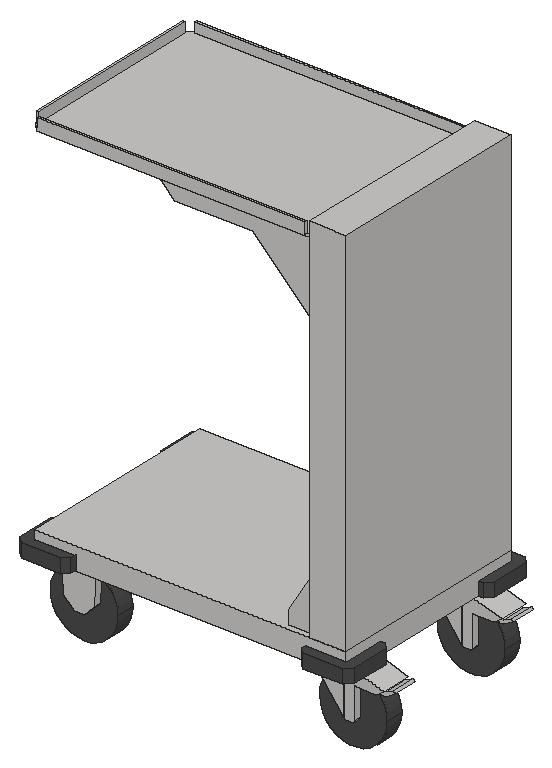
Revit family "QF_ZANUSSI_865135_HSTL800", category Attrezzature speciali, Revit 2020
Family settings
  Quota connettore circolare = Usa diametro
  Tipo di parte = Normale
  Basato su piano di lavoro = No
  Sempre verticale = Sì
  Taglio con vuoti quando caricato = No
  Condiviso = No
  Punto di calcolo locali = No
Parameters (values of type "Standard")
  Weight = 0.00 kg
  Watts = 0 W
  Volts = 0 V
  URL Manufacturer = ""
  URL = ""
  Steam Supply Size = 0 mm
  Steam Supply Minimum Pressure = 0.0 Pa
  Steam Supply Maximum Pressure = 0.0 Pa
  Steam Consumption per Hour = 0
  Show Clearance [instance] = yes
  Refrigeration Suction Line Size = 0 mm
  Refrigeration Liquid Line Size = 0 mm
  Refrigerant Compressor Remote = yes
  Prospetto di default = 0 mm
  Manufacturer = ""
  Phase = 0
  Model = ""
  Length Actual = 438 mm  # constant formula
  Item Number = ""
  Hot Water Size = 0 mm
  Height Actual = 900 mm  # constant formula
  HP = ""
  Gas Size = 0 mm
  Gas KW = 0
  Gas Input Pressure = 0 W
  Direct Waste Size = 0 mm
  Description = ""
  Depth Actual = 643 mm  # constant formula
  Cycle = 0 Hz
  Condensate Return Size = 0 mm
  Compressed Air Volume = 0.0 L/s
  Compressed Air Size = 0 mm
  Compressed Air Pressure = 0.0 Pa
  Cold Water Size = 0 mm
  Accessory = yes
Reference planes
  plane 1 "Back": y = 0
  plane 2: z = 0
  plane 3 "FRONT": y = -438
  plane 4 "LEFT": x = -126
  plane 5 "RIGHT": x = 517
  plane 6: x = 195.5
  plane 7 "Centro Avanti/Indietro": y = -219
  plane 8: z = 900
  plane 9: z = 450
  plane 10: z = 891.563
  plane 11: z = 868
  plane 12: z = 872
Forms (mm)
  Extrusion 1, solid, material "QF_Finishes_Stainless Steel"
    sketch origin (0, 0, 0) x (1, 0, 0) y (0, 1, 0)
      loop
        line (425.047, -21.163) -> (425.047, -416.837) -> (494.223, -416.837) -> (494.223, -21.163) -> (425.047, -21.163)
    from 183.831 to 900
  Extrusion 2, solid, material "QF_Finishes_Stainless Steel"
    sketch origin (-2.5, 0, 0) x (1, 0, 0) y (0, 1, 0)
      loop
        line (-100.723, -21.163) -> (-100.723, -416.837) -> (496.723, -416.837) -> (496.723, -21.163) -> (-100.723, -21.163)
    from 140.865 to 183.831
  Extrusion 3, solid, material "QF_Finishes_Black"
    sketch origin (0, 0, 0) x (1, 0, 0) y (0, 1, 0)
      loop
        line (-112.875, 0) -> (-126, -13.125) -> (-126, -87.5) -> (-113.5, -100) -> (-103.223, -100) -> (-103.223, -21.163) -> (-26, -21.163) -> (-26, -11.25) -> (-37.25, 0) -> (-112.875, 0)
    from 140.865 to 167.144
  Extrusion 4, solid, material "QF_Finishes_Black"
    sketch origin (391, 0, 0) x (-1, 0, 0) y (0, -1, 0)
      loop
        line (-112.875, 0) -> (-37.25, 0) -> (-26, 11.25) -> (-26, 21.163) -> (-103.223, 21.163) -> (-103.223, 100) -> (-113.5, 100) -> (-126, 87.5) -> (-126, 13.125) -> (-112.875, 0)
    from 140.865 to 167.144
  Extrusion 5, solid, material "QF_Finishes_Black"
    sketch origin (0, -438, 0) x (1, 0, 0) y (0, 1, 0)
      loop
        line (-112.875, 0) -> (-37.25, 0) -> (-26, 11.25) -> (-26, 21.163) -> (-103.223, 21.163) -> (-103.223, 100) -> (-113.5, 100) -> (-126, 87.5) -> (-126, 13.125) -> (-112.875, 0)
    from 140.865 to 167.144
  Extrusion 6, solid, material "QF_Finishes_Black"
    sketch origin (391, -438, 0) x (-1, 0, 0) y (0, -1, 0)
      loop
        line (-112.875, 0) -> (-126, -13.125) -> (-126, -87.5) -> (-113.5, -100) -> (-103.223, -100) -> (-103.223, -21.163) -> (-26, -21.163) -> (-26, -11.25) -> (-37.25, 0) -> (-112.875, 0)
    from 140.865 to 167.144
  Extrusion 7, solid, material "QF_Finishes_Stainless Steel"
    sketch origin (0, 0, 0) x (1, 0, 0) y (0, 1, 0)
      loop
        line (415.695, -31.163) -> (-103.223, -31.163) -> (-116, -43.94) -> (-116, -399.703) -> (-103.223, -412.48) -> (412.552, -412.48) -> (425.047, -399.985) -> (425.047, -40.515) -> (415.695, -31.163)
    from 868 to 891.563
  Extrusion 8, solid, material "QF_Finishes_Stainless Steel"
    sketch origin (0, 250, 0) x (-1, 0, 0) y (0, 0, 1)
      loop
        line (-95.5, 865.815) -> (-425.047, 865.815) -> (-425.047, 676.268) -> (-284.391, 816.924) -> (-134.391, 816.924) -> (-95.5, 855.815) -> (-95.5, 865.815)
    from -323.542 to -310
  Extrusion 9, solid, material "QF_Finishes_Stainless Steel"
    sketch origin (0, 250, 0) x (-1, 0, 0) y (0, 0, 1)
      loop
        line (-375.047, 183.831) -> (-375.047, 208.831) -> (-421.4, 285.976) -> (-425.047, 285.976) -> (-425.047, 183.831) -> (-375.047, 183.831)
    from -287.648 to -282.11
  Extrusion 10, solid, material "QF_Finishes_Stainless Steel"
    sketch origin (0, -688, 0) x (-1, 0, 0) y (0, 0, -1)
      loop
        line (-95.5, -868) -> (-95.5, -855.815) -> (-134.391, -816.924) -> (-284.391, -816.924) -> (-425.047, -676.268) -> (-425.047, -868) -> (-95.5, -868)
    from -323.542 to -310
  Extrusion 11, solid, material "QF_Finishes_Stainless Steel"
    sketch origin (0, -688, 0) x (-1, 0, 0) y (0, 0, -1)
      loop
        line (-375.047, -183.831) -> (-425.047, -183.831) -> (-425.047, -285.976) -> (-421.4, -285.976) -> (-375.047, -208.831) -> (-375.047, -183.831)
    from -287.648 to -282.11
  Extrusion 12, solid, material "QF_Finishes_Stainless Steel"
    sketch origin (0, 252.5, 0) x (-1, 0, 0) y (0, 0, 1)
      loop
        line (71.644, 140.865) -> (3.871, 140.865) -> (8.595, 73.298) -> (28.382, 53.511) -> (47.132, 53.511) -> (66.919, 73.298) -> (71.644, 140.865)
    from -644.885 to -633
  Extrusion 13, solid, material "QF_Finishes_Stainless Steel"
    sketch origin (0, 252.5, 0) x (-1, 0, 0) y (0, 0, 1)
      loop
        line (-407, 140.865) -> (-469.711, 140.865) -> (-469.711, 52.645) -> (-407, 135.865) -> (-407, 140.865)
    from -644.885 to -633
  Extrusion 14, solid, material "QF_Finishes_Stainless Steel"
    sketch origin (0, 250, 0) x (-1, 0, 0) y (0, 0, 1)
      loop
        line (-469.711, 52.645) -> (-469.711, 140.865) -> (-488.079, 140.865) -> (-546.553, 122.988) -> (-531.782, 112.645) -> (-491.782, 112.645) -> (-491.782, 52.645) -> (-488.246, 49.109) -> (-473.246, 49.109) -> (-469.711, 52.645)
    from -642.385 to -583.643
  Extrusion 15, solid, material "QF_Finishes_Stainless Steel"
    sketch origin (0, 250, 0) x (-1, 0, 0) y (0, 0, 1)
      loop
        line (-535.479, 115.234) -> (-543.494, 120.846) -> (-545.533, 118.807) -> (-561.019, 126.028) -> (-563.519, 121.698) -> (-546.199, 111.698) -> (-539.015, 111.698) -> (-535.479, 115.234)
    from -637.031 to -590
  Extrusion 16, solid, material "QF_Finishes_Stainless Steel"
    sketch origin (0, -978.528, 0) x (-1, 0, 0) y (0, 0, -1)
      loop
        line (71.644, -140.865) -> (66.919, -73.298) -> (47.132, -53.511) -> (28.382, -53.511) -> (8.595, -73.298) -> (3.871, -140.865) -> (71.644, -140.865)
    from -644.885 to -633
  Extrusion 17, solid, material "QF_Finishes_Stainless Steel"
    sketch origin (0, -978.528, 0) x (-1, 0, 0) y (0, 0, -1)
      loop
        line (-407, -140.865) -> (-407, -135.865) -> (-469.711, -52.645) -> (-469.711, -140.865) -> (-407, -140.865)
    from -644.885 to -633
  Extrusion 18, solid, material "QF_Finishes_Stainless Steel"
    sketch origin (0, -695.5, 0) x (-1, 0, 0) y (0, 0, -1)
      loop
        line (71.644, -140.865) -> (66.919, -73.298) -> (47.132, -53.511) -> (28.382, -53.511) -> (8.595, -73.298) -> (3.871, -140.865) -> (71.644, -140.865)
    from -644.885 to -633
  Extrusion 19, solid, material "QF_Finishes_Stainless Steel"
    sketch origin (0, -695.5, 0) x (-1, 0, 0) y (0, 0, -1)
      loop
        line (-407, -140.865) -> (-407, -135.865) -> (-469.711, -52.645) -> (-469.711, -140.865) -> (-407, -140.865)
    from -644.885 to -633
  Extrusion 20, solid, material "QF_Finishes_Stainless Steel"
    sketch origin (0, -693, 0) x (-1, 0, 0) y (0, 0, -1)
      loop
        line (-469.711, -52.645) -> (-473.246, -49.109) -> (-488.246, -49.109) -> (-491.782, -52.645) -> (-491.782, -112.645) -> (-531.782, -112.645) -> (-546.553, -122.988) -> (-488.079, -140.865) -> (-469.711, -140.865) -> (-469.711, -52.645)
    from -642.385 to -583.643
  Extrusion 21, solid, material "QF_Finishes_Stainless Steel"
    sketch origin (0, -693, 0) x (-1, 0, 0) y (0, 0, -1)
      loop
        line (-535.479, -115.234) -> (-539.015, -111.698) -> (-546.199, -111.698) -> (-563.519, -121.698) -> (-561.019, -126.028) -> (-545.533, -118.807) -> (-543.494, -120.846) -> (-535.479, -115.234)
    from -637.031 to -590
  Extrusion 22, solid, material "QF_Finishes_Stainless Steel"
    sketch origin (0, 535.528, 0) x (-1, 0, 0) y (0, 0, 1)
      loop
        line (71.644, 140.865) -> (3.871, 140.865) -> (8.595, 73.298) -> (28.382, 53.511) -> (47.132, 53.511) -> (66.919, 73.298) -> (71.644, 140.865)
    from -644.885 to -633
  Extrusion 23, solid, material "QF_Finishes_Stainless Steel"
    sketch origin (0, 535.528, 0) x (-1, 0, 0) y (0, 0, 1)
      loop
        line (-407, 140.865) -> (-469.711, 140.865) -> (-469.711, 52.645) -> (-407, 135.865) -> (-407, 140.865)
    from -644.885 to -633
  Extrusion 24, solid, material "QF_Finishes_Black"
    sketch origin (0, 250, 1.25) x (-1, 0, 0) y (0, 0, 1)
      loop
        circle (37.949, 63.776) r 65
    from -630.5 to -595.528
  Extrusion 25, solid, material "QF_Finishes_Black"
    sketch origin (441, 250, 1.25) x (1, 0, 0) y (0, 0, -1)
      loop
        circle (37.949, -63.776) r 65
    from -630.5 to -595.528
  Extrusion 26, solid, material "QF_Finishes_Black"
    sketch origin (0, -693, 1.25) x (-1, 0, 0) y (0, 0, -1)
      loop
        circle (37.949, -63.776) r 65
    from -630.5 to -595.528
  Extrusion 27, solid, material "QF_Finishes_Black"
    sketch origin (441, -693, 1.25) x (1, 0, 0) y (0, 0, 1)
      loop
        circle (37.949, 63.776) r 65
    from -630.5 to -595.528
  Extrusion 28, void
    sketch origin (441, -693, 1.25) x (1, 0, 0) y (0, 0, 1)
      loop
        circle (37.949, 63.776) r 65
    from -630.5 to -595.528
  Extrusion 29, void
    sketch origin (441, 250, 1.25) x (1, 0, 0) y (0, 0, -1)
      loop
        circle (37.949, -63.776) r 65
    from -630.5 to -595.528
  Extrusion 30, void
    sketch origin (0, 0, 0) x (1, 0, 0) y (0, 1, 0)
      loop
        line (414.038, -35.163) -> (-101.566, -35.163) -> (-101.566, -7.12) -> (-133.853, -45.597) -> (-112, -45.597) -> (-112, -398.046) -> (-132, -398.046) -> (-101.566, -428.48) -> (-101.566, -408.48) -> (410.895, -408.48) -> (410.895, -423.48) -> (430.335, -398.953) -> (421.047, -398.953) -> (421.047, -42.172) -> (436.047, -42.172) -> (414.038, -20.163) -> (414.038, -35.163)
    from 872 to 900
Cuts and joins
  Extrusion 28 cuts Extrusion 20
  Extrusion 29 cuts Extrusion 14
  Extrusion 30 cuts Extrusion 7
Dimensions and locks
  plane 5 "RIGHT" to plane 4 "LEFT" = 643 mm
  plane 4 "LEFT" to plane 5 "RIGHT" = 643 mm
  plane 3 "FRONT" to plane 1 "Back" = 438 mm
  plane 1 "Back" to plane 3 "FRONT" = 438 mm
  equal spacing: plane 4 "LEFT", plane 6, plane 5 "RIGHT"
  equal spacing: plane 3 "FRONT", plane 7 "Centro Avanti/Indietro", plane 1 "Back"
  equal spacing: plane 8, plane 9, plane 2
  plane 8 to plane 2 = 900 mm
  locked: plane 12 to plane 11 at 4
  locked: plane 8 to plane 10 at 8.437
  plane 8 to plane 11 = 32 mm
  aligned and locked: level to plane 2
  aligned and locked: plane 8 to Extrusion 1
  aligned and locked: Extrusion 7 to plane 10
  aligned and locked: plane 11 to Extrusion 7
  aligned and locked: Extrusion 10 to cut or joined group of Extrusion 7, Extrusion 30
  aligned and locked: Extrusion 30 to plane 12
  aligned and locked: plane 8 to Extrusion 30
Automatic sketch dimensions
  plane 3 "FRONT" to Extrusion 1 sketch curve = 21.163 mm
  plane 5 "RIGHT" to Extrusion 1 sketch curve = 91.953 mm
  plane 5 "RIGHT" to Extrusion 1 sketch curve = 22.777 mm
  plane 1 "Back" to Extrusion 1 sketch curve = 21.163 mm
  plane 4 "LEFT" to Extrusion 2 sketch curve = 22.777 mm
  plane 5 "RIGHT" to Extrusion 2 sketch curve = 22.777 mm
  plane 3 "FRONT" to Extrusion 2 sketch curve = 21.163 mm
  plane 1 "Back" to Extrusion 2 sketch curve = 21.163 mm
  Extrusion 3 sketch curve to plane 4 "LEFT" = 0 mm
  plane 1 "Back" to Extrusion 3 sketch curve = 0 mm
  plane 4 "LEFT" to Extrusion 3 sketch curve = 12.5 mm
  plane 4 "LEFT" to Extrusion 3 sketch curve = 13.125 mm
  Extrusion 3 sketch curve to Extrusion 3 sketch curve = 10.277 mm
  Extrusion 3 sketch curve to Extrusion 3 sketch curve = 65.973 mm
  Extrusion 3 sketch curve to Extrusion 3 sketch curve = 11.25 mm
  plane 1 "Back" to Extrusion 3 sketch curve = 11.25 mm
  plane 1 "Back" to Extrusion 3 sketch curve = 13.125 mm
  Extrusion 3 sketch curve to Extrusion 3 sketch curve = 9.913 mm
  Extrusion 3 sketch curve to Extrusion 3 sketch curve = 66.337 mm
  Extrusion 3 sketch curve to Extrusion 3 sketch curve = 12.5 mm
  Extrusion 4 sketch curve to plane 5 "RIGHT" = 0 mm
  plane 1 "Back" to Extrusion 4 sketch curve = 0 mm
  Extrusion 4 sketch curve to plane 5 "RIGHT" = 12.5 mm
  Extrusion 4 sketch curve to plane 5 "RIGHT" = 13.125 mm
  Extrusion 4 sketch curve to Extrusion 4 sketch curve = 10.277 mm
  Extrusion 4 sketch curve to Extrusion 4 sketch curve = 65.973 mm
  Extrusion 4 sketch curve to Extrusion 4 sketch curve = 11.25 mm
  Extrusion 4 sketch curve to plane 1 "Back" = 11.25 mm
  Extrusion 4 sketch curve to plane 1 "Back" = 13.125 mm
  Extrusion 4 sketch curve to Extrusion 4 sketch curve = 9.913 mm
  Extrusion 4 sketch curve to Extrusion 4 sketch curve = 66.337 mm
  Extrusion 4 sketch curve to Extrusion 4 sketch curve = 12.5 mm
  Extrusion 5 sketch curve to plane 4 "LEFT" = 0 mm
  Extrusion 5 sketch curve to plane 3 "FRONT" = 0 mm
  Extrusion 5 sketch curve to plane 4 "LEFT" = 12.5 mm
  Extrusion 5 sketch curve to plane 4 "LEFT" = 13.125 mm
  Extrusion 5 sketch curve to Extrusion 5 sketch curve = 10.277 mm
  Extrusion 5 sketch curve to Extrusion 5 sketch curve = 65.973 mm
  Extrusion 5 sketch curve to Extrusion 5 sketch curve = 11.25 mm
  Extrusion 5 sketch curve to plane 3 "FRONT" = 11.25 mm
  Extrusion 5 sketch curve to plane 3 "FRONT" = 13.125 mm
  Extrusion 5 sketch curve to Extrusion 5 sketch curve = 9.913 mm
  Extrusion 5 sketch curve to Extrusion 5 sketch curve = 66.337 mm
  Extrusion 5 sketch curve to Extrusion 5 sketch curve = 12.5 mm
  Extrusion 6 sketch curve to plane 5 "RIGHT" = 0 mm
  Extrusion 6 sketch curve to plane 3 "FRONT" = 0 mm
  plane 5 "RIGHT" to Extrusion 6 sketch curve = 12.5 mm
  plane 5 "RIGHT" to Extrusion 6 sketch curve = 13.125 mm
  Extrusion 6 sketch curve to Extrusion 6 sketch curve = 10.277 mm
  Extrusion 6 sketch curve to Extrusion 6 sketch curve = 65.973 mm
  Extrusion 6 sketch curve to Extrusion 6 sketch curve = 11.25 mm
  plane 3 "FRONT" to Extrusion 6 sketch curve = 11.25 mm
  plane 3 "FRONT" to Extrusion 6 sketch curve = 13.125 mm
  Extrusion 6 sketch curve to Extrusion 6 sketch curve = 9.913 mm
  Extrusion 6 sketch curve to Extrusion 6 sketch curve = 66.337 mm
  Extrusion 6 sketch curve to Extrusion 6 sketch curve = 12.5 mm
  plane 4 "LEFT" to Extrusion 7 sketch curve = 10 mm
  Extrusion 7 sketch curve to Extrusion 7 sketch curve = 12.777 mm  (x4)
  plane 3 "FRONT" to Extrusion 7 sketch curve = 25.52 mm
  plane 5 "RIGHT" to Extrusion 7 sketch curve = 104.448 mm
  plane 1 "Back" to Extrusion 7 sketch curve = 31.163 mm
  plane 5 "RIGHT" to Extrusion 7 sketch curve = 101.305 mm
  plane 3 "FRONT" to Extrusion 7 sketch curve = 38.015 mm
  Extrusion 7 sketch curve to Extrusion 7 sketch curve = 12.495 mm
  Extrusion 7 sketch curve to Extrusion 7 sketch curve = 9.352 mm
  Extrusion 8 sketch curve to plane 8 = 34.185 mm
  plane 5 "RIGHT" to Extrusion 8 sketch curve = 91.953 mm
  plane 6 to Extrusion 8 sketch curve = 88.891 mm
  Extrusion 8 sketch curve to plane 6 = 61.109 mm
  Extrusion 8 sketch curve to Extrusion 8 sketch curve = 38.891 mm
  Extrusion 8 sketch curve to Extrusion 8 sketch curve = 10 mm
  Extrusion 8 sketch curve to plane 8 = 83.076 mm
  Extrusion 8 sketch curve to Extrusion 8 sketch curve = 189.547 mm
  plane 5 "RIGHT" to Extrusion 9 sketch curve = 91.953 mm
  Extrusion 9 sketch curve to Extrusion 9 sketch curve = 3.647 mm
  Extrusion 9 sketch curve to Extrusion 9 sketch curve = 50 mm
  level to Extrusion 9 sketch curve = 183.831 mm
  Extrusion 9 sketch curve to Extrusion 9 sketch curve = 25 mm
  Extrusion 9 sketch curve to Extrusion 9 sketch curve = 77.145 mm
  Extrusion 10 sketch curve to plane 8 = 32 mm
  plane 5 "RIGHT" to Extrusion 10 sketch curve = 91.953 mm
  plane 6 to Extrusion 10 sketch curve = 88.891 mm
  Extrusion 10 sketch curve to plane 6 = 61.109 mm
  Extrusion 10 sketch curve to Extrusion 10 sketch curve = 38.891 mm
  Extrusion 10 sketch curve to Extrusion 10 sketch curve = 12.185 mm
  Extrusion 10 sketch curve to plane 8 = 83.076 mm
  Extrusion 10 sketch curve to Extrusion 10 sketch curve = 191.732 mm
  plane 5 "RIGHT" to Extrusion 11 sketch curve = 91.953 mm
  Extrusion 11 sketch curve to Extrusion 11 sketch curve = 3.647 mm
  Extrusion 11 sketch curve to Extrusion 11 sketch curve = 50 mm
  level to Extrusion 11 sketch curve = 285.976 mm
  Extrusion 11 sketch curve to Extrusion 11 sketch curve = 77.145 mm
  Extrusion 11 sketch curve to Extrusion 11 sketch curve = 25 mm
  plane 4 "LEFT" to Extrusion 12 sketch curve = 122.129 mm
  Extrusion 12 sketch curve to Extrusion 12 sketch curve = 4.725 mm
  Extrusion 12 sketch curve to Extrusion 12 sketch curve = 19.787 mm  (x4)
  Extrusion 12 sketch curve to Extrusion 12 sketch curve = 18.75 mm
  plane 4 "LEFT" to Extrusion 12 sketch curve = 54.356 mm
  level to Extrusion 12 sketch curve = 53.511 mm
  Extrusion 12 sketch curve to Extrusion 12 sketch curve = 67.567 mm
  plane 5 "RIGHT" to Extrusion 13 sketch curve = 47.289 mm
  Extrusion 13 sketch curve to Extrusion 13 sketch curve = 62.711 mm
  level to Extrusion 13 sketch curve = 52.645 mm
  Extrusion 13 sketch curve to Extrusion 13 sketch curve = 83.22 mm
  Extrusion 13 sketch curve to Extrusion 13 sketch curve = 5 mm
  Extrusion 14 sketch curve to plane 5 "RIGHT" = 29.553 mm
  Extrusion 14 sketch curve to plane 5 "RIGHT" = 14.782 mm
  plane 5 "RIGHT" to Extrusion 14 sketch curve = 25.218 mm
  Extrusion 14 sketch curve to Extrusion 14 sketch curve = 3.536 mm  (x4)
  Extrusion 14 sketch curve to Extrusion 14 sketch curve = 3.703 mm
  Extrusion 14 sketch curve to Extrusion 14 sketch curve = 15 mm
  level to Extrusion 14 sketch curve = 49.109 mm
  Extrusion 14 sketch curve to Extrusion 14 sketch curve = 60 mm
  Extrusion 14 sketch curve to Extrusion 14 sketch curve = 10.343 mm
  Extrusion 14 sketch curve to Extrusion 14 sketch curve = 28.22 mm
  Extrusion 15 sketch curve to plane 5 "RIGHT" = 46.519 mm
  Extrusion 15 sketch curve to Extrusion 15 sketch curve = 2.5 mm
  Extrusion 15 sketch curve to Extrusion 15 sketch curve = 17.321 mm
  Extrusion 15 sketch curve to Extrusion 15 sketch curve = 0.665 mm
  Extrusion 15 sketch curve to Extrusion 15 sketch curve = 2.039 mm  (x2)
  Extrusion 15 sketch curve to Extrusion 15 sketch curve = 7.184 mm
  Extrusion 15 sketch curve to Extrusion 15 sketch curve = 3.536 mm  (x2)
  level to Extrusion 15 sketch curve = 111.698 mm
  Extrusion 15 sketch curve to Extrusion 15 sketch curve = 7.109 mm
  Extrusion 15 sketch curve to Extrusion 15 sketch curve = 2.891 mm
  plane 4 "LEFT" to Extrusion 16 sketch curve = 122.129 mm
  Extrusion 16 sketch curve to Extrusion 16 sketch curve = 4.725 mm
  Extrusion 16 sketch curve to Extrusion 16 sketch curve = 19.787 mm  (x3)
  Extrusion 16 sketch curve to Extrusion 16 sketch curve = 18.75 mm
  plane 4 "LEFT" to Extrusion 16 sketch curve = 54.356 mm
  level to Extrusion 16 sketch curve = 140.865 mm
  Extrusion 16 sketch curve to Extrusion 16 sketch curve = 67.567 mm
  Extrusion 16 sketch curve to Extrusion 16 sketch curve = 0 mm
  plane 5 "RIGHT" to Extrusion 17 sketch curve = 47.289 mm
  Extrusion 17 sketch curve to Extrusion 17 sketch curve = 62.711 mm
  level to Extrusion 17 sketch curve = 140.865 mm
  Extrusion 17 sketch curve to Extrusion 17 sketch curve = 5 mm
  level to Extrusion 17 sketch curve = 52.645 mm
  plane 4 "LEFT" to Extrusion 18 sketch curve = 122.129 mm
  Extrusion 18 sketch curve to Extrusion 18 sketch curve = 4.725 mm
  Extrusion 18 sketch curve to Extrusion 18 sketch curve = 19.787 mm  (x3)
  Extrusion 18 sketch curve to Extrusion 18 sketch curve = 18.75 mm
  plane 4 "LEFT" to Extrusion 18 sketch curve = 54.356 mm
  level to Extrusion 18 sketch curve = 140.865 mm
  Extrusion 18 sketch curve to Extrusion 18 sketch curve = 67.567 mm
  Extrusion 18 sketch curve to Extrusion 18 sketch curve = 0 mm
  plane 5 "RIGHT" to Extrusion 19 sketch curve = 47.289 mm
  Extrusion 19 sketch curve to Extrusion 19 sketch curve = 62.711 mm
  level to Extrusion 19 sketch curve = 140.865 mm
  Extrusion 19 sketch curve to Extrusion 19 sketch curve = 5 mm
  level to Extrusion 19 sketch curve = 52.645 mm
  Extrusion 20 sketch curve to plane 5 "RIGHT" = 29.553 mm
  Extrusion 20 sketch curve to plane 5 "RIGHT" = 14.782 mm
  plane 5 "RIGHT" to Extrusion 20 sketch curve = 25.218 mm
  Extrusion 20 sketch curve to Extrusion 20 sketch curve = 3.536 mm  (x3)
  Extrusion 20 sketch curve to Extrusion 20 sketch curve = 3.703 mm
  Extrusion 20 sketch curve to Extrusion 20 sketch curve = 15 mm
  level to Extrusion 20 sketch curve = 140.865 mm
  Extrusion 20 sketch curve to Extrusion 20 sketch curve = 17.877 mm
  Extrusion 20 sketch curve to Extrusion 20 sketch curve = 10.343 mm
  level to Extrusion 20 sketch curve = 52.645 mm
  Extrusion 20 sketch curve to Extrusion 20 sketch curve = 0 mm
  Extrusion 21 sketch curve to plane 5 "RIGHT" = 46.519 mm
  Extrusion 21 sketch curve to Extrusion 21 sketch curve = 2.5 mm
  Extrusion 21 sketch curve to Extrusion 21 sketch curve = 17.321 mm
  Extrusion 21 sketch curve to Extrusion 21 sketch curve = 0.665 mm
  Extrusion 21 sketch curve to Extrusion 21 sketch curve = 2.039 mm  (x2)
  Extrusion 21 sketch curve to Extrusion 21 sketch curve = 7.184 mm
  Extrusion 21 sketch curve to Extrusion 21 sketch curve = 3.536 mm  (x2)
  level to Extrusion 21 sketch curve = 126.028 mm
  Extrusion 21 sketch curve to Extrusion 21 sketch curve = 4.33 mm
  Extrusion 21 sketch curve to Extrusion 21 sketch curve = 9.148 mm
  plane 4 "LEFT" to Extrusion 22 sketch curve = 122.129 mm
  Extrusion 22 sketch curve to Extrusion 22 sketch curve = 4.725 mm
  Extrusion 22 sketch curve to Extrusion 22 sketch curve = 19.787 mm  (x4)
  Extrusion 22 sketch curve to Extrusion 22 sketch curve = 18.75 mm
  plane 4 "LEFT" to Extrusion 22 sketch curve = 54.356 mm
  level to Extrusion 22 sketch curve = 53.511 mm
  Extrusion 22 sketch curve to Extrusion 22 sketch curve = 67.567 mm
  plane 5 "RIGHT" to Extrusion 23 sketch curve = 47.289 mm
  Extrusion 23 sketch curve to Extrusion 23 sketch curve = 62.711 mm
  level to Extrusion 23 sketch curve = 52.645 mm
  Extrusion 23 sketch curve to Extrusion 23 sketch curve = 83.22 mm
  Extrusion 23 sketch curve to Extrusion 23 sketch curve = 5 mm
  plane 4 "LEFT" to Extrusion 24 sketch curve = 88.051 mm
  level to Extrusion 24 sketch curve = 65.026 mm
  plane 5 "RIGHT" to Extrusion 25 sketch curve = 38.051 mm
  level to Extrusion 25 sketch curve = 65.026 mm
  plane 4 "LEFT" to Extrusion 26 sketch curve = 88.051 mm
  level to Extrusion 26 sketch curve = 65.026 mm
  plane 5 "RIGHT" to Extrusion 27 sketch curve = 38.051 mm
  level to Extrusion 27 sketch curve = 65.026 mm
  plane 5 "RIGHT" to Extrusion 28 sketch curve = 38.051 mm
  level to Extrusion 28 sketch curve = 65.026 mm
  plane 5 "RIGHT" to Extrusion 29 sketch curve = 38.051 mm
  level to Extrusion 29 sketch curve = 65.026 mm
  Extrusion 30 sketch curve to plane 4 "LEFT" = 7.853 mm
  Extrusion 30 sketch curve to plane 4 "LEFT" = 6 mm
  plane 4 "LEFT" to Extrusion 30 sketch curve = 14 mm
  Extrusion 30 sketch curve to Extrusion 30 sketch curve = 10.434 mm  (x4)
  plane 3 "FRONT" to Extrusion 30 sketch curve = 14.52 mm
  plane 5 "RIGHT" to Extrusion 30 sketch curve = 106.105 mm
  plane 1 "Back" to Extrusion 30 sketch curve = 35.163 mm
  plane 5 "RIGHT" to Extrusion 30 sketch curve = 102.962 mm
  Extrusion 30 sketch curve to Extrusion 30 sketch curve = 10.152 mm
  plane 3 "FRONT" to Extrusion 30 sketch curve = 39.047 mm
  Extrusion 30 sketch curve to Extrusion 30 sketch curve = 9.288 mm
  Extrusion 30 sketch curve to Extrusion 30 sketch curve = 15 mm
  plane 3 "FRONT" to Extrusion 30 sketch curve = 9.52 mm
  Extrusion 30 sketch curve to Extrusion 30 sketch curve = 9.527 mm
  Extrusion 30 sketch curve to Extrusion 30 sketch curve = 7.009 mm
  plane 1 "Back" to Extrusion 30 sketch curve = 7.12 mm
  plane 1 "Back" to Extrusion 30 sketch curve = 20.163 mm
  radius of Extrusion 24 sketch curve = 65 mm
  radius of Extrusion 25 sketch curve = 65 mm
  radius of Extrusion 26 sketch curve = 65 mm
  radius of Extrusion 27 sketch curve = 65 mm
  radius of Extrusion 28 sketch curve = 65 mm
  radius of Extrusion 29 sketch curve = 65 mm
